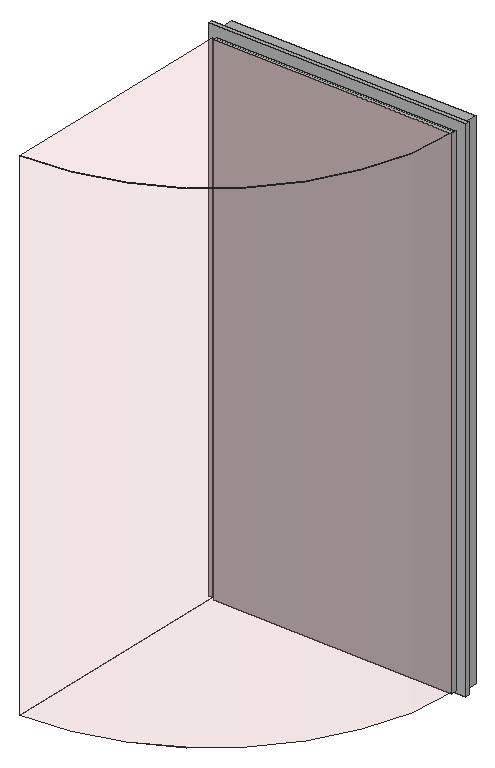
Revit family "ASSA ABLOY - DL1.3 DRAGON, single-leaf, angular frame", category Doors, host Wall, Revit 2021
Family settings
  Host = Wall
  OmniClass Number = 23.30.10.00
  OmniClass Title = Doors
  Always vertical = Yes
  Cut with Voids When Loaded = No
  Shared = No
  Room Calculation Point = No
Parameters (values of type "900 x 2000 (901 x 2000)")
  URL = "https://www.assaabloy.com/pl/pl"
  Type Comments = "Door leaf made of two pressed zinc-plated steel sheets 1,0mm thick. Reinforced with \"C\" profiles and filled with mineral wool. Door with 4-sided thick rebate with gasket."
  Symbol Radius = Door Leaf Width + 11.000 mm  # 979.500 mm
  Rough Width Conversion = 89.500 mm  # constant formula
  Rough Width Adjustment = 0.000 mm  # constant formula
  Rough Height Real = Height Round + Rough Height Conversion + Rough Height Adjustment  # 2070.000 mm
  Rough Height Conversion = 70.000 mm  # constant formula
  Rough Height Adjustment = 0.000 mm  # constant formula
  Opening Zone [instance] = yes
  Model = "Doorset_Steel Security Door, RC3, Rw(dB)= 46_ASSA ABLOY Opening Solutions_Hardware 3D"
  Hinges Material = Default steel
  HW Item 9 = "1x MT22(Bizon): defender_LOB ASSA ABLOY"
  HW Item 8 = "1x TL0151BS: round rosette PZPZ, stainless steel_ASSA ABLOY"
  HW Item 11 = "1x Planet HS FH+RD: drop-down seal_Planet (option)"
  HW Item 10 = "1x 206253: Vercy door stopper, max 120 kg_ASSA ABLOY (option) "
  Frame Finish [instance] = ""
  Fire Rating = "NFR"  # constant formula
  Door Finish Push Side [instance] = ""
  Door Finish Pull Side [instance] = ""
  Width Round = roundup((Width / 5.000 mm)) * 5.000 mm  # 900.000 mm
  Thickness = 60.000 mm  # constant formula
  Smoke Rating = "S (optional)"
  Rough Width = Width Round + Rough Width Conversion + Rough Width Adjustment + 0.500 mm  # 990.000 mm
  Rough Height = Height Round + Rough Height Conversion + Rough Height Adjustment  # 2070.000 mm
  Readme = "The actual lintel height is consistent with the Rough Height parameter.\nThe final HW Set should be consistent with the function of the door and its  parameters.\nHardware mounted on door surface may affect the clear passage opening. For verification, please contact the specification department.\nFor the corner door frame installed in a steel structure and plasterboard walls, add 3 cm per each leaf to the width of the Rough Width opening."
  Provider = "ASSA ABLOY Opening Solutions"
  Product Group = "Single-Steel"
  Name = "Steel Security Door, RC3, Rw(dB)= 46"
  Min Door Width = 450.000 mm
  Min Door Height = 1450.000 mm
  Mechanical Strength = 4
  Max Door Width = 1270.000 mm
  Max Door Height = 2770.000 mm
  Manufacturer = "ASSA ABLOY"  # constant formula
  IfcExportType = "USERDEFINED"
  IfcExportAs = "IfcDoorType"
  Rough Width Real = Width Round + Rough Width Conversion + Rough Width Adjustment  # 989.500 mm
  Height Round = roundup((Height / 5.000 mm)) * 5.000 mm  # 2000.000 mm
  Hardware Set = "1.4PL"
  HW Item 7 = "1x TL4106SS: U-shape handle set on round rosette, class 4 (EN1906), stainless steel_ASSA ABLOY"
  HW Item 6 = "1x SK6 Radius: euro profile cylinder_IKON"
  HW Item 5 = "1x EL166: multipoint mechanical mortice lockcase with automatic dead locking system_ABLOY"
  HW Item 4 = "1x A152: mechanical hold open_ASSA ABLOY (option)"
  HW Item 3 = "1x A153: mechanical opening damper_ASSA ABLOY (option)"
  HW Item 2 = "1x G195: door closer guide rail_ASSA ABLOY"
  HW Item 1 = "1x DC700/ DC500: door closer, Cam-Motion®_ASSA ABLOY"
  Function = Interior
  Height = 2000.000 mm
  Wall Closure = By host
  Width = 900.000 mm
  Frame Type = "Welded steel corner frame made of zinc-plated steel sheet 3mm thick with EPDM gasket."
  Frame Material = Default steel
  Family name = "1.4_DOORSET_DL 1.3 DRAGON_SINGLE-LEAF_CORNER FRAME_ASSA ABLOY PL"
  Environmental Product Declaration (EPD) = "To be confirmed with Provider"  # constant formula
  Environmental Management System = "To be confirmed with Provider"  # constant formula
  Edition number = "1"
  Door Type = "DL1.3 DRAGON"
  Door Material = Default steel
  Door Leaf Width = Width Round + Rough Width Adjustment + 68.500 mm  # 968.500 mm
  Description = "DL1.3 DRAGON, door leaf made of two pressed zinc-plated steel sheets 1,0mm thick. Reinforced with \"C\" profiles and filled with mineral wool. Door with 4-sided thick rebate with gasket. Operating forces – class 3 according to EN 12217:2005. Mechanical strength – class 4 according to EN 1192:2001. Thermal transmittance Uw=1,3W/m²K according to EN ISO 10077-1:2007. Burglary resistance – class RC3 according to EN 1627:2012. Acoustic rating - Rw=46dB according to PN-EN ISO 717-1:2013-08. Hinges with ball bearings, main lock: multipoint class 4 according to EN 12209, three anti-burglary bolts. Welded steel corner frame made of zinc-plated steel sheet 3mm thick with EPDM gasket. 20mm fixed threshold. Optional: low threshold or drop-down seal."
  Date of publishing = ""
  Contact Provider = "https://www.assaabloy.com/pl/pl/solutions/topics/bim-specification/contact"
  Brand = "Donimet Bis Sp. z o. o."  # constant formula
  Author = "www.archispace.pl"
Types (3, lengths in mm): name | Symbol Radius | Rough Height Real | Width Round | Rough Width | Rough Height | Rough Width Real | Height Round | Height | Width | Door Leaf Width
  450 x 1450 (451 x 1450) | 529.500 | 1520.000 | 450.000 | 540.000 | 1520.000 | 539.500 | 1450.000 | 1450.000 | 450.000 | 518.500
  900 x 2000 (901 x 2000) | 979.500 | 2070.000 | 900.000 | 990.000 | 2070.000 | 989.500 | 2000.000 | 2000.000 | 900.000 | 968.500
  1270 x 2770 (1271 x 2770) | 1349.500 | 2840.000 | 1270.000 | 1360.000 | 2840.000 | 1359.500 | 2770.000 | 2770.000 | 1270.000 | 1338.500
Reference planes
  plane 1: y = 0
  plane 2 "Center (Left/Right)": x = 0
  plane 3: z = 2070
  plane 4 "Exterior": y = 120
  plane 5 "Interior": y = -120
  plane 6: x = -494.75
  plane 7: x = 494.75
  plane 8: z = 2000
  plane 9: y = -73
  plane 10: y = -136
  plane 11: z = 9.5
  plane 12: z = 26
  plane 13: z = 2115
  plane 14: y = -51
  plane 15: y = -73.8
  plane 16: y = -139
  plane 17: x = -495
  plane 18: x = 495
  plane 19: y = -157
  plane 20: x = -480.5
  plane 21: x = -467.75
  plane 22: x = 467.75
  plane 23: z = 2048.5
  plane 24: y = -97
  plane 25: y = -147
  plane 26: x = -445.25
  plane 27: x = 454.75
  plane 28: x = -495.25
  plane 29: z = 2032
Forms (mm)
  Sweep 1, solid, material "Default steel" <- "Frame Material"
    path origin (0, -120, 0) x (1, 0, 0) y (0, 0, 1)
      loop
        line (-494.75, 0) -> (-494.75, 2070) -> (494.75, 2070) -> (494.75, 0)
    profile origin (-494.75, -120, 1035) x (-1, 0, 0) y (0, -1, 0)
      loop
        line (28, 0) -> (28, 16) -> (-22, 16) -> (-22, -30) -> (-40, -30) -> (-40, -69) -> (0, -69) -> (0, 0) -> (28, 0)
  Sweep 2, solid, material "Default steel" <- "Frame Material"
    path origin (-5000, -120, 0) x (1, 0, 0) y (0, 0, 1)
      loop
        line (4527.25, 0) -> (5472.75, 0)
    profile origin (0, -120, 0) x (0, 0, 1) y (0, -1, 0)
      loop
        line (0, 16) -> (0, -69) -> (20, -69) -> (20, 16) -> (0, 16)
  Sweep 3, solid, material "Opening zone", visible <- "Opening Zone"
    path origin (-5400.703, 0, 0) x (-1, 0, 0) y (0, 0, 1)
      loop
        line (-5400.703, 9.5) -> (-5400.703, 2048.5)
    profile origin (0, 0, 1029) x (1, 0, 0) y (0, 1, 0)
      loop
        line (-495.25, -147) -> (-495.25, -1126.5)
        arc (-495.25, -1126.5) -> (197.361, -839.611) -> (484.25, -147) r 979.5
        line (484.25, -147) -> (-495.25, -147)
  Sweep 4, solid, material "Default steel" <- "Frame Material"
    path origin (0, -120, 0) x (1, 0, 0) y (0, 0, 1)
      loop
        line (-494.75, 2070) -> (494.75, 2070)
    profile origin (0, -120, 2070) x (0, 0, 1) y (0, -1, 0)
      loop
        line (-22, 16) -> (-32, 16) -> (-32, -30) -> (-22, -30) -> (-22, 16)
      loop
        line (-50, -69) -> (-40, -69) -> (-40, -30) -> (-50, -30) -> (-50, -69)
  Sweep 5, solid, material "Default steel" <- "Door Material"
    path origin (0, 120, 0) x (1, 0, 0) y (0, 0, 1)
      loop
        line (0, 26) -> (0, 2032)
    profile origin (0, 120, 1029) x (-1, 0, 0) y (0, -1, 0)
      loop
        line (467.75, 259) -> (-467.75, 259) -> (-467.75, 217) -> (467.75, 217) -> (467.75, 259)
  Sweep 6, solid, material "Default steel" <- "Door Material"
    path origin (0, 115, 0) x (1, 0, 0) y (0, 0, 1)
      loop
        line (0, 9.5) -> (0, 2048.5)
    profile origin (0, 115, 1029) x (-1, 0, 0) y (0, -1, 0)
      loop
        line (484.25, 272) -> (-484.25, 272) -> (-484.25, 254) -> (484.25, 254) -> (484.25, 272)
  Sweep 7, void
    path origin (0, -120, 0) x (1, 0, 0) y (0, 0, 1)
      loop
        line (-522.75, 2070) -> (522.75, 2070)
    profile origin (0, -120, 2070) x (0, 0, 1) y (0, -1, 0)
      loop
        line (18, 0) -> (28, 0) -> (28, 16) -> (18, 16) -> (18, 0)
Cuts and joins
  Sweep 7 cuts Sweep 1
  joined: Sweep 1, Sweep 2, Sweep 4
Lines and regions (mm)
  Opening 1
    outline origin (-3050, -120, 0) x (1, 0, 0) y (0, 0, 1)
      loop
        line (2555, 0) -> (3545, 0) -> (3545, 2070) -> (2555, 2070) -> (2555, 0)
  Masking region 1, detail levels fine
    outline origin (-1132.682, -300, 2037) x (-1, 0, 0) y (0, -1, 0)
      loop
        line (-637.932, -249) -> (-637.932, -180) -> (-609.932, -180) -> (-609.932, -164) -> (-659.932, -164) -> (-659.932, -210) -> (-677.932, -210) -> (-677.932, -249) -> (-637.932, -249)
      loop
        line (-1655.432, -164) -> (-1655.432, -180) -> (-1627.432, -180) -> (-1627.432, -249) -> (-1587.432, -249) -> (-1587.432, -210) -> (-1605.432, -210) -> (-1605.432, -164) -> (-1655.432, -164)
  Masking region 2, detail levels medium
    outline origin (-1132.682, -300, 2037) x (-1, 0, 0) y (0, -1, 0)
      loop
        line (-637.932, -249) -> (-637.932, -180) -> (-609.932, -180) -> (-609.932, -164) -> (-677.932, -164) -> (-677.932, -249) -> (-637.932, -249)
      loop
        line (-1627.432, -249) -> (-1587.432, -249) -> (-1587.432, -164) -> (-1655.432, -164) -> (-1655.432, -180) -> (-1627.432, -180) -> (-1627.432, -249)
  Masking region 3, detail levels fine
    outline origin (-1132.682, -300, 2037) x (-1, 0, 0) y (0, -1, 0)
      loop
        circle (-637.432, -153) r 11
  symbolic lines, style "Elevation Swing"
    curve 1: line (454.75, -120, 1035) -> (-467.75, -120, 2032)
    curve 2: line (454.75, -120, 1035) -> (-467.75, -120, 9.5)
Text (mm)
  text "Exterior" at (-1376.75, 1099.543, 0), in view "Ref. Level"
  text "Exterior" at (0, 1615.38, 3698.081), in view "Left"
  text "Exterior" at (0, 1036.032, 3874.932), in view "Right"
Dimensions and locks
  "Rough Height": plane 3 to host wall
  equal spacing: host wall, curve 2, plane 3
  host wall to plane 3 = 2070.000 mm
  locked: plane 4 "Exterior" to host wall
  locked: plane 5 "Interior" to host wall
  equal spacing: plane 6, plane 2 "Center (Left/Right)", plane 7
  "Rough Width Real": plane 6 to plane 7
  "Height": plane 8 to level
  plane 11 to level = 9.500 mm
  locked: plane 12 to level at 26
  plane 9 to plane 5 "Interior" to plane 10 = 47.000 mm locked, 16.000 mm locked
  locked: plane 5 "Interior" to plane 14 at 69
  locked: plane 9 to plane 15 at 0.8
  locked: Masking region 1 sketch curve to plane 14 at 39
  locked: plane 7 to Masking region 2 sketch curve at 28
  equal spacing: plane 17, plane 2 "Center (Left/Right)", plane 18
  "Rough Width": plane 17 to plane 18
  locked: plane 5 "Interior" to plane 16 at 19
  locked: plane 10 to plane 19 at 21
  locked: plane 17 to plane 20 at 14.5
  locked: Masking region 2 sketch curve to plane 7 at 40
  nested 1 to Masking region 1 = 900.000 mm
  locked: Masking region 1 sketch curve to Masking region 1 sketch curve at 40  (x2)
  locked: Masking region 1 sketch curve to Masking region 1 sketch curve at 22
  locked: Masking region 1 sketch curve to Masking region 1 sketch curve at 16
  locked: Masking region 1 sketch curve to Masking region 1 sketch curve at 28
  Masking region 1 sketch curve to Masking region 1 sketch curve = 39.000 mm
  locked: Masking region 1 sketch curve to plane 7 at 22
  locked: plane 7 to Masking region 1 sketch curve at 28
  Masking region 1 sketch curve to Masking region 1 sketch curve = 16.000 mm
  locked: Sweep 2 sketch curve to plane 16 at 3
  locked: Sweep 2 sketch curve to Sweep 2 sketch curve at 85
  plane 12 to level = 26.000 mm
  locked: plane 11 to level at 9.5
  locked: plane 23 to plane 3 at 21.5
  plane 14 to plane 19 = 106.000 mm
  locked: Masking region 2 sketch curve to Masking region 2 sketch curve at 40
  locked: Masking region 2 sketch curve to Masking region 2 sketch curve at 28
  locked: plane 25 to plane 10 at 11
  locked: plane 6 to plane 21 at 27
  locked: plane 6 to plane 26 at 49.5
  locked: plane 22 to plane 7 at 27
  locked: plane 27 to plane 7 at 40
  locked: plane 5 "Interior" to plane 24 at 23
  locked: plane 28 to plane 6 at 0.5
  locked: Sweep 6 sketch curve to plane 21 at 16.5
  locked: plane 22 to Sweep 6 sketch curve at 16.5
  locked: plane 29 to plane 3 at 38
  "Symbol Radius": radius of Sweep 3 sketch curve
  aligned and locked: Opening 1 sketch curve to level
  aligned and locked: plane 1 to host wall
  aligned and locked: level to Sweep 1 sketch curve  (x2)
  aligned and locked: Sweep 1 sketch curve to plane 6
  aligned and locked: plane 7 to Sweep 1 sketch curve
  aligned and locked: Sweep 2 sketch curve to level
  aligned and locked: plane 5 "Interior" to Masking region 1 sketch curve
  aligned and locked: Masking region 1 sketch curve to plane 5 "Interior"
  aligned and locked: plane 10 to Masking region 2 sketch curve
  aligned and locked: plane 14 to Masking region 2 sketch curve
  aligned and locked: plane 5 "Interior" to Masking region 2 sketch curve
  aligned and locked: Masking region 2 sketch curve to plane 7
  aligned and locked: Masking region 2 sketch curve to plane 5 "Interior"
  aligned and locked: Masking region 2 sketch curve to plane 14
  aligned and locked: Masking region 2 sketch curve to plane 10
  aligned and locked: plane 17 to Opening 1 sketch curve
  aligned and locked: plane 18 to Opening 1 sketch curve
  aligned and locked: Sweep 1 sketch curve to plane 14
  aligned and locked: Sweep 1 sketch curve to Masking region 1  (x2)
  aligned and locked: Masking region 1 to Sweep 1 sketch curve  (x2)
  aligned and locked: Masking region 1 sketch curve to Masking region 1 sketch curve
  aligned and locked: Sweep 2 sketch curve to cut or joined group of Sweep 1, Sweep 2, Sweep 4, Sweep 7
  aligned and locked: cut or joined group of Sweep 1, Sweep 2, Sweep 4, Sweep 7 to Sweep 2 sketch curve
  aligned and locked: Sweep 1 sketch curve to plane 3
  aligned and locked: plane 3 to Sweep 4 sketch curve
  aligned and locked: plane 2 "Center (Left/Right)" to Sweep 5 sketch curve
  aligned and locked: plane 12 to Sweep 5 sketch curve
  aligned and locked: Masking region 2 sketch curve to plane 6
  aligned and locked: Masking region 1 sketch curve to plane 6
  aligned and locked: Masking region 1 sketch curve to plane 7
  aligned and locked: profile plane to Sweep 1 sketch curve
  aligned and locked: Sweep 3 sketch curve to plane 25
  aligned and locked: plane 21 to Sweep 5 sketch curve
  aligned and locked: Sweep 5 sketch curve to plane 22
  aligned and locked: Sweep 5 sketch curve to plane 24
  aligned and locked: plane 16 to Sweep 5 sketch curve
  aligned and locked: plane 28 to Masking region 3 sketch curve
  aligned and locked: Masking region 3 sketch curve to plane 25
  aligned and locked: plane 19 to Sweep 6 sketch curve
  aligned and locked: plane 11 to Sweep 6 sketch curve
  aligned and locked: plane 23 to Sweep 6 sketch curve
  aligned and locked: plane 29 to Sweep 5 sketch curve
  aligned and locked: plane 3 to Sweep 7 sketch curve
  aligned and locked: cut or joined group of Sweep 1, Sweep 2, Sweep 4, Sweep 7 to Sweep 7 sketch curve  (x2)
  aligned and locked: plane 2 "Center (Left/Right)" to Sweep 3 sketch curve
  aligned and locked: plane 23 to Sweep 3 sketch curve
  aligned and locked: plane 11 to Sweep 3 sketch curve
  aligned and locked: nested 1 to plane 2 "Center (Left/Right)"
  aligned and locked: plane 5 "Interior" to nested 1
  aligned and locked: plane 28 to Sweep 3 sketch curve
  aligned and locked: Sweep 3 sketch curve to plane 28
  aligned and locked: plane 21 to curve 1
  aligned and locked: plane 29 to curve 1
  aligned and locked: plane 27 to curve 2
  aligned and locked: plane 21 to curve 2
  aligned and locked: plane 11 to curve 2
Automatic sketch dimensions
  Opening 1 sketch curve to plane 3 = 0.000 mm
  plane 5 "Interior" to Sweep 1 sketch curve = 0.000 mm
  plane 5 "Interior" to Sweep 1 sketch curve = 16.000 mm
  profile plane to Sweep 2 sketch curve = 0.000 mm
  Sweep 2 sketch curve to Sweep 2 sketch curve = 20.000 mm
  plane 14 to Masking region 1 sketch curve = 0.000 mm
  plane 6 to Sweep 4 sketch curve = 0.000 mm
  plane 7 to Sweep 4 sketch curve = 0.000 mm
  Sweep 6 sketch curve to Sweep 6 sketch curve = 18.000 mm
  Sweep 6 sketch curve to plane 2 "Center (Left/Right)" = 0.000 mm
  Sweep 7 sketch curve to profile plane = 18.000 mm
  Sweep 7 sketch curve to Sweep 7 sketch curve = 10.000 mm
  plane 5 "Interior" to Sweep 7 sketch curve = 0.000 mm
  Sweep 7 sketch curve to Sweep 7 sketch curve = 16.000 mm
  profile plane to Sweep 4 sketch curve = 50.000 mm
  Sweep 4 sketch curve to Sweep 4 sketch curve = 10.000 mm  (x2)
  plane 5 "Interior" to Sweep 4 sketch curve = 16.000 mm
  profile plane to Sweep 4 sketch curve = 32.000 mm
  Sweep 4 sketch curve to plane 5 "Interior" = 30.000 mm
  Sweep 4 sketch curve to Sweep 4 sketch curve = 0.000 mm
  Sweep 4 sketch curve to Sweep 4 sketch curve = 39.000 mm
  radius of Masking region 3 sketch curve = 11.000 mm
Nested families
  nested 1: "Detail_Door symbol" at (0, -120, 2037), type "Detail_Door symbol"
Definition of nested family "Detail_Door symbol"
  Parameters (values of type "Detail_Door symbol")
    Symbol Radius = 529.000 mm
    Rough Width = 539.500 mm
    Door Leaf Width = 529.000 mm
  Reference planes
    plane 1 "Center (Front/Back)": y = 0
    plane 2: z = 0
    plane 3 "Center (Left/Right)": x = 0
    plane 4: x = -269.75
    plane 5: x = 269.75
    plane 6: y = -27
    plane 7: x = -270.25
    plane 8: y = -38
    plane 9: y = -54.5
    plane 10: y = -550
    plane 11: y = -567
    plane 12: x = -280.25
    plane 13: x = -262.25
    plane 14: x = -220.25
  Lines and regions (mm)
    Filled region 1, type "Solid Fill - White", in view "Ref. Level", detail levels fine
      outline origin (27.5, 43.059, 0) x (1, 0, 0) y (0, 1, 0)
        loop
          line (-307.75, -81.059) -> (-307.75, -610.059) -> (-289.75, -610.059) -> (-289.75, -593.059) -> (-247.75, -593.059) -> (-247.75, -97.559) -> (-289.75, -97.559) -> (-289.75, -81.059) -> (-307.75, -81.059)
    Filled region 2, type "Solid Fill - White", in view "Ref. Level", detail levels medium
      outline origin (27.5, 43.059, 0) x (1, 0, 0) y (0, 1, 0)
        loop
          line (-308.75, -81.059) -> (-308.75, -610.059) -> (-248.75, -610.059) -> (-248.75, -81.059) -> (-308.75, -81.059)
    detail lines, in view "Ref. Level"
      curve 1: arc (-270.25, -556, 0) -> (103.809, -401.059, 0) -> (258.75, -27, 0) r 529
    detail lines, in view "Ref. Level", detail levels coarse
      curve 2: line (-270.25, -556, 0) -> (-270.25, -27, 0)
  Dimensions and locks
    equal spacing: plane 4, plane 3 "Center (Left/Right)", plane 5
    "Rough Width": plane 4 to plane 5
    locked: plane 8 to plane 9 at 16.5
    locked: plane 11 to plane 10 at 17
    "Door Leaf Width": plane 11 to plane 8
    plane 8 to plane 6 to plane 1 "Center (Front/Back)" = 11.000 mm locked, 27.000 mm locked
    locked: plane 7 to plane 4 at 0.5
    locked: plane 12 to plane 4 at 10.5
    locked: plane 4 to plane 13 at 7.5
    locked: plane 4 to plane 14 at 49.5
    "Symbol Radius": radius of curve 1
    aligned and locked: plane 7 to curve 1
    aligned and locked: curve 1 to plane 6
    aligned and locked: Filled region 1 sketch curve to plane 11
    aligned and locked: Filled region 1 sketch curve to plane 10
    aligned and locked: Filled region 1 sketch curve to plane 8
    aligned and locked: plane 9 to Filled region 1 sketch curve
    aligned and locked: Filled region 2 sketch curve to plane 8
    aligned and locked: Filled region 2 sketch curve to plane 11
    aligned and locked: plane 12 to Filled region 1 sketch curve
    aligned and locked: Filled region 1 sketch curve to plane 13  (x2)
    aligned and locked: Filled region 1 sketch curve to plane 14
  Automatic sketch dimensions
    plane 12 to Filled region 2 sketch curve = 1.000 mm
    Filled region 2 sketch curve to plane 14 = 1.000 mm
    plane 6 to curve 2 = 0.000 mm
